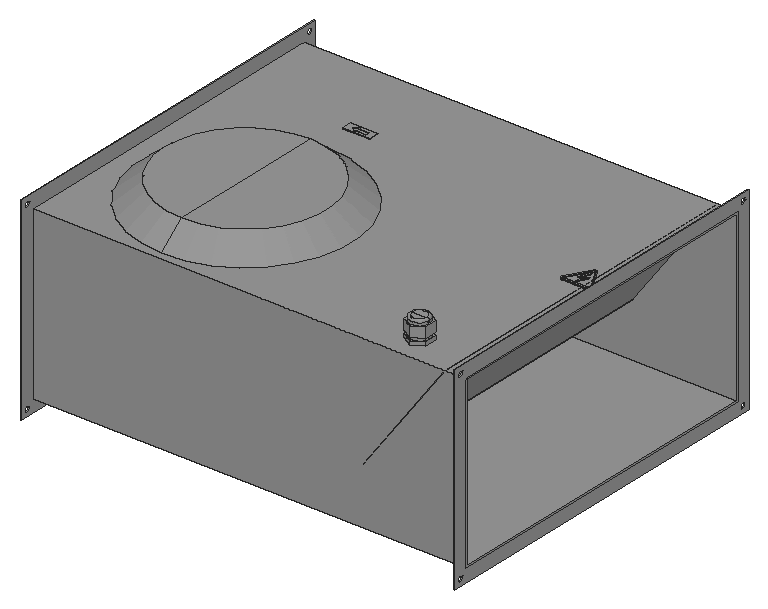
Revit family "ВКПФ_Eng", category Mechanical Equipment, Revit 2021
Family settings
  Round Connector Dimension = Use Diameter
  Classification = None
  Part Type = Normal
  Work Plane-Based = No
  Always vertical = Yes
  Cut with Voids When Loaded = No
  Shared = No
  Room Calculation Point = No
Parameters (values of type "VKPF 4E 500x250")
  Сonnector = yes
  Width = B  # 500 mm
  Weight = 24.00 kg
  Voltage = if(Number of Fase = 3, 400 V, 230 V)  # 230 V
  Pressure_Static_Air [instance] = 0.0 Pa
  Power = 535 W
  Number of Fase = 1
  Maximum Air Flow = 486.0 L/s
  Load Classification = "HVAC"  # constant formula
  Length = L  # 640 mm
  Height = H  # 250 mm
  Frequency = 50 Hz  # constant formula
  Default Elevation = 0 mm
  Frame = Frame : 500x250
  Electrical box = not(Сonnector)  # no
  Manufacturer = "Vents"  # constant formula
  r3 = H / 15  # 16.667 mm
  r2 = r1 * 0.8  # 100 mm
  r1 = H / 2  # 125 mm
  l3 = L / 2 - 100 mm  # 220 mm
  l1 = L / 2 - 40 mm  # 280 mm
  l = L / 2 - L / 3.5  # 137.143 mm
  h3 = H / 2  # 125 mm
  h2 = H - 2 mm  # 248 mm
  h1 = H / 2.1  # 119.048 mm
  h = H / 3  # 83.333 mm
  b3 = B / 2 - 100 mm  # 150 mm
  b2 = B - 4 mm  # 496 mm
  b11 = B / 2  # 250 mm
  b1 = B / 2 - 40 mm  # 210 mm
  b = B / 2 - B / 3  # 83.333 mm
  Maintenance zone material = none
  URL = "https://ventilation-system.com/series/vkpf"
  L = 640 mm
  He = if(Сonnector, 0 mm, 25 mm)  # 0 mm
  Casing Material = Steel, galvanized
  H = 250 mm
  Be = if(Сonnector, b11 - b1, b11 + b3)  # 40 mm
  B = 500 mm
  Apparent Load = Amperage * Voltage  # 572.7 VA
  Amperage = 2.49 A
  Alfa = if(Сonnector, 90.00°, 0.00°)  # 90.00°
  Air Flow [instance] = 0.0 L/s
  09_System_Name [instance] = ""
  00_20_Type = "VKPF 4E 500x250"
  00_20_Name = "Inline centrifugal fan"  # constant formula
  00_20_Manufacturer = "Vents"  # constant formula
Types (16, lengths in mm): name | Сonnector | Width | Weight | Voltage | Power | Number of Fase | Maximum Air Flow | Length | Height | Frame | Electrical box | r3 | r2 | r1 | l3 | l1 | l | h3 | h2 | h1 | h | b3 | b2 | b11 | b1 | b | L | He | H | Be | B | Apparent Load | Amperage | Alfa | 00_20_Type
  (no name) | yes | 500 | 24.00 kg | 230 V | 535 W | 1 | 486.0 L/s | 640 | 250 | Frame : 500x250 | no | 16.667 | 100 | 125 | 220 | 280 | 137.143 | 125 | 248 | 119.048 | 83.333 | 150 | 496 | 250 | 210 | 83.333 | 640 | 0 | 250 | 40 | 500 | 572.7 VA | 2.49 A | 90.00° | "VKPF 4E 500x250"
  VKPF 4E 400x200 | yes | 400 | 17.50 kg | 230 V | 295 W | 1 | 400.0 L/s | 500 | 200 | Frame : 400x200 | no | 13.333 | 80 | 100 | 150 | 210 | 107.143 | 100 | 198 | 95.238 | 66.667 | 100 | 396 | 200 | 160 | 66.667 | 500 | 0 | 200 | 40 | 400 | 303.6 VA | 1.32 A | 90.00° | "VKPF 4E 400x200"
  VKPF 4D 800x500 | no | 800 | 74.00 kg | 400 V | 5850 W | 3 | 2256.0 L/s | 820 | 500 | Frame : 800x500 | yes | 33.333 | 200 | 250 | 310 | 370 | 175.714 | 250 | 498 | 238.095 | 166.667 | 300 | 796 | 400 | 360 | 133.333 | 820 | 25 | 500 | 700 | 800 | 3740 VA | 9.35 A | 0.00° | "VKPF 4D 800x500"
  VKPF 4D 400x200 | yes | 400 | 17.50 kg | 400 V | 282 W | 3 | 408.0 L/s | 500 | 200 | Frame : 400x200 | no | 13.333 | 80 | 100 | 150 | 210 | 107.143 | 100 | 198 | 95.238 | 66.667 | 100 | 396 | 200 | 160 | 66.667 | 500 | 0 | 200 | 40 | 400 | 240 VA | 0.6 A | 90.00° | "VKPF 4D 400x200"
  VKPF 4E 500x300 | yes | 500 | 33.00 kg | 230 V | 710 W | 1 | 653.0 L/s | 680 | 300 | Frame : 500x300 | no | 20 | 120 | 150 | 240 | 300 | 145.714 | 150 | 298 | 142.857 | 100 | 150 | 496 | 250 | 210 | 83.333 | 680 | 0 | 300 | 40 | 500 | 713 VA | 3.1 A | 90.00° | "VKPF 4E 500x300"
  VKPF 4D 500x300 | yes | 500 | 33.00 kg | 400 V | 855 W | 3 | 653.0 L/s | 680 | 300 | Frame : 500x300 | no | 20 | 120 | 150 | 240 | 300 | 145.714 | 150 | 298 | 142.857 | 100 | 150 | 496 | 250 | 210 | 83.333 | 680 | 0 | 300 | 40 | 500 | 680 VA | 1.7 A | 90.00° | "VKPF 4D 500x300"
  VKPF 4E 600x300 | no | 600 | 35.00 kg | 230 V | 1240 W | 1 | 820.0 L/s | 680 | 300 | Frame : 600x300 | yes | 20 | 120 | 150 | 240 | 300 | 145.714 | 150 | 298 | 142.857 | 100 | 200 | 596 | 300 | 260 | 100 | 680 | 25 | 300 | 500 | 600 | 1483.5 VA | 6.45 A | 0.00° | "VKPF 4E 600x300"
  VKPF 4D 600x300 | no | 600 | 35.00 kg | 400 V | 1560 W | 3 | 1039.0 L/s | 680 | 300 | Frame : 600x300 | yes | 20 | 120 | 150 | 240 | 300 | 145.714 | 150 | 298 | 142.857 | 100 | 200 | 596 | 300 | 260 | 100 | 680 | 25 | 300 | 500 | 600 | 1092 VA | 2.73 A | 0.00° | "VKPF 4D 600x300"
  VKPF 4E 600x350 | no | 600 | 49.50 kg | 230 V | 2840 W | 1 | 1183.0 L/s | 735 | 350 | Frame : 600x350 | yes | 23.333 | 140 | 175 | 267.5 | 327.5 | 157.5 | 175 | 348 | 166.667 | 116.667 | 200 | 596 | 300 | 260 | 100 | 735 | 25 | 350 | 500 | 600 | 3197 VA | 13.9 A | 0.00° | "VKPF 4E 600x350"
  VKPF 4D 600x350 | no | 600 | 49.50 kg | 400 V | 2460 W | 3 | 1395.0 L/s | 735 | 350 | Frame : 600x350 | yes | 23.333 | 140 | 175 | 267.5 | 327.5 | 157.5 | 175 | 348 | 166.667 | 116.667 | 200 | 596 | 300 | 260 | 100 | 735 | 25 | 350 | 500 | 600 | 1572 VA | 3.93 A | 0.00° | "VKPF 4D 600x350"
  VKPF 4D 700x400 | no | 700 | 60.00 kg | 400 V | 3630 W | 3 | 1792.0 L/s | 780 | 400 | Frame : 700x400 | yes | 26.667 | 160 | 200 | 290 | 350 | 167.143 | 200 | 398 | 190.476 | 133.333 | 250 | 696 | 350 | 310 | 116.667 | 780 | 25 | 400 | 600 | 700 | 2400 VA | 6 A | 0.00° | "VKPF 4D 700x400"
  VKPF 4E 500x250 | yes | 500 | 24.00 kg | 230 V | 535 W | 1 | 486.0 L/s | 640 | 250 | Frame : 500x250 | no | 16.667 | 100 | 125 | 220 | 280 | 137.143 | 125 | 248 | 119.048 | 83.333 | 150 | 496 | 250 | 210 | 83.333 | 640 | 0 | 250 | 40 | 500 | 572.7 VA | 2.49 A | 90.00° | "VKPF 4E 500x250"
  VKPF 4D 500x250 | yes | 500 | 24.00 kg | 400 V | 570 W | 3 | 514.0 L/s | 640 | 250 | Frame : 500x250 | no | 16.667 | 100 | 125 | 220 | 280 | 137.143 | 125 | 248 | 119.048 | 83.333 | 150 | 496 | 250 | 210 | 83.333 | 640 | 0 | 250 | 40 | 500 | 376 VA | 0.94 A | 90.00° | "VKPF 4D 500x250"
  VKPF 6D 800x500 | no | 800 | 70.00 kg | 400 V | 2790 W | 3 | 2114.0 L/s | 820 | 500 | Frame : 800x500 | yes | 33.333 | 200 | 250 | 310 | 370 | 175.714 | 250 | 498 | 238.095 | 166.667 | 300 | 796 | 400 | 360 | 133.333 | 820 | 25 | 500 | 700 | 800 | 2072 VA | 5.18 A | 0.00° | "VKPF 6D 800x500"
  VKPF 6D 900x500 | no | 900 | 90.00 kg | 400 V | 3870 W | 3 | 2650.0 L/s | 954 | 500 | Frame : 900x500 | yes | 33.333 | 200 | 250 | 377 | 437 | 204.429 | 250 | 498 | 238.095 | 166.667 | 350 | 896 | 450 | 410 | 150 | 954 | 25 | 500 | 800 | 900 | 2800 VA | 7 A | 0.00° | "VKPF 6D 900x500"
  VKPF 6D 1000x500 | no | 1000 | 95.00 kg | 400 V | 3870 W | 3 | 2650.0 L/s | 954 | 500 | Frame : 1000x500 | yes | 33.333 | 200 | 250 | 377 | 437 | 204.429 | 250 | 498 | 238.095 | 166.667 | 400 | 996 | 500 | 460 | 166.667 | 954 | 25 | 500 | 900 | 1000 | 2800 VA | 7 A | 0.00° | "VKPF 6D 1000x500"
Reference planes
  plane 1 "По центру (Вперед/Назад)": y = 0
  plane 2: z = 0
  plane 3 "По центру (Влево/Вправо)": x = 0
  plane 4 "Барабан верт": x = -137.143
  plane 5 "Барабан гор": y = -83.333
  plane 6 "Присоединитель лево": x = -320
  plane 7 "Присоединитель право": x = 320
  plane 8 "E": z = 250
  plane 9: z = 250
  plane 10: y = -250
  plane 11 "E1": y = -210
  plane 12: x = 220
Forms (mm)
  Extrusion 1, solid, material "Steel, galvanized"
    sketch origin (0, 0, 0) x (1, 0, 0) y (0, 1, 0)
      loop
        line (-288, 248) -> (-288, -248) -> (168, -248) -> (168, 248) -> (-288, 248)
    from 81.333 to 83.333
  Extrusion 2, solid, material "Steel, galvanized"
    sketch origin (0, 0, 0) x (1, 0, 0) y (0, 0, 1)
      loop
        line (163, 83.333) -> (168, 83.333) -> (288, 248) -> (283, 248) -> (163, 83.333)
    from -248 to 248
  Extrusion 3, solid, material "Steel, galvanized"
    sketch origin (0, 0, 0) x (0, 1, 0) y (0, 0, 1)
      loop
        line (248, 81.333) -> (-248, 81.333) -> (-248, 2) -> (248, 2) -> (248, 81.333)
    from -288 to -286
  Revolve 4, solid, material "Steel, galvanized"
    sketch origin (-137.143, 0, 0) x (0, 1, 0) y (0, 0, 1)
      loop
        line (-83.333, 248) -> (-83.333, 83.333) -> (33.333, 83.333)
        arc (33.333, 83.333) -> (21.548, 88.215) -> (16.667, 100) r 16.667
        line (16.667, 100) -> (16.667, 112.952) -> (41.667, 112.952) -> (41.667, 115.952) -> (16.667, 115.952) -> (16.667, 235) -> (41.667, 235) -> (41.667, 238) -> (-33.333, 238) -> (-33.333, 248) -> (-83.333, 248)
      axis (-83.333, 83.333) -> (-83.333, 248)
    angle from 0 to 360
Lines and regions (mm)
  reference lines
    curve 1: line (220, -210, 250) -> (220, -210, 281.561)
Dimensions and locks
  "h": Extrusion 1 to level
  locked: Extrusion 1 to Extrusion 1 at 2
  locked: nested 1 to Extrusion 1 sketch curve at 30
  locked: Extrusion 1 sketch curve to nested 1 at 150
  locked: Extrusion 2 sketch curve to nested 1 at 35
  "h": Extrusion 2 to level
  "h2": Extrusion 2 to level
  locked: Extrusion 3 to Extrusion 3 at 2
  locked: Extrusion 2 sketch curve to nested 1 at 150
  locked: Extrusion 2 sketch curve to Extrusion 2 sketch curve at 5
  "l": plane 4 "Барабан верт" to plane 3 "По центру (Влево/Вправо)"
  "b": plane 5 "Барабан гор" to plane 1 "По центру (Вперед/Назад)"
  locked: Revolve 4 sketch curve to Revolve 4 sketch curve at 3  (x2)
  locked: Revolve 4 sketch curve to Revolve 4 sketch curve at 50
  "r1": Revolve 4 sketch curve to Revolve 4 sketch curve
  "r1": Revolve 4 sketch curve to plane 5 "Барабан гор"
  "r2": Revolve 4 sketch curve to plane 5 "Барабан гор"  (x2)
  locked: Revolve 4 sketch curve to Revolve 4 sketch curve at 10
  "l3": plane 3 "По центру (Влево/Вправо)" to nested 2
  "b1": nested 2 to plane 1 "По центру (Вперед/Назад)"
  equal spacing: Extrusion 2, nested 1, Extrusion 2
  "b2": Extrusion 2 to Extrusion 2
  "l3": plane 3 "По центру (Влево/Вправо)" to nested 3
  "b3": plane 1 "По центру (Вперед/Назад)" to nested 3
  "l": nested 5 to plane 3 "По центру (Влево/Вправо)"
  "b1": nested 5 to plane 5 "Барабан гор"
  "l1": plane 3 "По центру (Влево/Вправо)" to nested 4
  "h1": Revolve 4 sketch curve to Revolve 4 sketch curve
  equal spacing: plane 6 "Присоединитель лево", plane 3 "По центру (Влево/Вправо)", plane 7 "Присоединитель право"
  "L": plane 6 "Присоединитель лево" to plane 7 "Присоединитель право"
  level to connector elem = 125 mm
  "h3": level to connector elem  (x2)
  "H": plane 9 to level
  "He": plane 8 "E" to plane 9
  "b11": plane 10 to plane 1 "По центру (Вперед/Назад)"
  "Be": plane 11 "E1" to plane 10
  "l3": plane 12 to plane 3 "По центру (Влево/Вправо)"
  locked: curve 1 to curve 1 at 31.561
  "r3": radius of Revolve 4 sketch curve
  "Alfa": angle plane 8 "E" to curve 1
  aligned and locked: level to plane 2
  aligned and locked: Extrusion 1 sketch curve to nested 1
  aligned and locked: nested 1 to Extrusion 1 sketch curve
  aligned and locked: Extrusion 2 sketch curve to Extrusion 1
  aligned and locked: Extrusion 3 sketch curve to Extrusion 1  (x2)
  aligned and locked: Extrusion 3 sketch curve to nested 1
  aligned and locked: nested 1 to Extrusion 3 sketch curve
  aligned and locked: Extrusion 3 to Extrusion 1
  aligned and locked: plane 3 "По центру (Влево/Вправо)" to nested 1
  aligned and locked: plane 1 "По центру (Вперед/Назад)" to nested 1
  aligned and locked: nested 1 to Revolve 4 sketch curve
  aligned and locked: Extrusion 1 to Revolve 4 sketch curve
  aligned and locked: plane 1 "По центру (Вперед/Назад)" to nested 4
  aligned and locked: plane 8 "E" to curve 1
  aligned and locked: curve 1 to plane 12
Automatic sketch dimensions
  Extrusion 2 sketch curve to Extrusion 2 sketch curve = 5 mm
  Extrusion 2 sketch curve to Extrusion 2 sketch curve = 164.667 mm
  Revolve 4 sketch curve to plane 5 "Барабан гор" = 0 mm  (x2)
  Revolve 4 sketch curve to Revolve 4 sketch curve = 29.667 mm
  Revolve 4 sketch curve to Revolve 4 sketch curve = 15 mm
Nested families
  nested 1: "Frame" at (0, 0, 0), type <- "Frame", type "500x250"
  nested 2: "Сonnector" at (220, -210, 250), built-in parameter 1001360 <- "H", visible <- "Сonnector", type "30"
  nested 3: "Electrical box" at (220, 150, 250), built-in parameter 1001360 <- "H", visible <- "Electrical box", type "100х100"
  nested 4: "Sticker E" at (280, 0, 250), built-in parameter 1001360 <- "H", type "Sticker E"
  nested 5: "Arrow" at (-137.143, 126.667, 250) x (-1, 0, 0) z (0, 0, 1), built-in parameter 1001360 <- "H", type "Arrow"
Connectors
  hvac at (-320, 0, 125), driven by "H", driven by "B"
    settings: index 1, duct flow 0.0 L/s, flow factor 0, pres drop 0.0 Pa, loss coef 0, conn angle 0.00°, conn width 500 mm, conn height 250 mm, conn diameter 609.6 mm, duct sys type 1, conn prof type 1, flow config 0, flow direction 2, loss method 0, conn ref index -1, conn util no, is conn primary yes, conn desc ""
  hvac at (320, 0, 125), driven by "H", driven by "B"
    settings: index 2, duct flow 0.0 L/s, flow factor 0, pres drop 0.0 Pa, loss coef 0, conn angle 0.00°, conn width 500 mm, conn height 250 mm, conn diameter 609.6 mm, duct sys type 1, conn prof type 1, flow config 0, flow direction 1, loss method 0, conn ref index -1, conn util no, is conn primary no, conn desc ""
  electrical at (220, -210, 281.561), driven by "Voltage", driven by "Apparent Load"
    settings: on curve 1, index 3, voltage 230 V, apparent load 0 VA, apparent load phase1 572.7 VA, apparent load phase2 0 VA, apparent load phase3 0 VA, power factor 1, load classification "Двигатель", number of poles 1, system type 31, power factor state 1, is connector primary yes, connector utility no, sub classification motor no, connector description ""
Definition of nested family "Frame"
  Parameters (values of type "1000x500")
    Default Elevation = 0 mm
    l = L / 3.5  # 272.571 mm
    h = 30 mm
    b = B / 3  # 333.333 mm
    R2 = l - l * 0.15  # 231.686 mm
    R1 = l - l * 0.35  # 177.171 mm
    L = 954 mm
    H2 = H + 40 mm  # 540 mm
    H1 = H + 20 mm  # 520 mm
    H = 500 mm
    B2 = B + 40 mm  # 1040 mm
    B1 = B + 20 mm  # 1020 mm
    B = 1000 mm
  Types (9, lengths in mm): name | l | b | R2 | R1 | L | H2 | H1 | H | B2 | B1 | B
    400x200 | 142.857 | 133.333 | 121.429 | 92.857 | 500 | 240 | 220 | 200 | 440 | 420 | 400
    800x500 | 234.286 | 266.667 | 199.143 | 152.286 | 820 | 540 | 520 | 500 | 840 | 820 | 800
    500x250 | 182.857 | 166.667 | 155.429 | 118.857 | 640 | 290 | 270 | 250 | 540 | 520 | 500
    500x300 | 194.286 | 166.667 | 165.143 | 126.286 | 680 | 340 | 320 | 300 | 540 | 520 | 500
    600x300 | 194.286 | 200 | 165.143 | 126.286 | 680 | 340 | 320 | 300 | 640 | 620 | 600
    600x350 | 210 | 200 | 178.5 | 136.5 | 735 | 390 | 370 | 350 | 640 | 620 | 600
    700x400 | 222.857 | 233.333 | 189.429 | 144.857 | 780 | 440 | 420 | 400 | 740 | 720 | 700
    900x500 | 272.571 | 300 | 231.686 | 177.171 | 954 | 540 | 520 | 500 | 940 | 920 | 900
    1000x500 | 272.571 | 333.333 | 231.686 | 177.171 | 954 | 540 | 520 | 500 | 1040 | 1020 | 1000
  Reference planes
    plane 1 "По центру (Вперед/Назад)": y = 0
    plane 2: z = 0
    plane 3 "По центру (Влево/Вправо)": x = 0
    plane 4: y = 500
    plane 5: y = -500
    plane 6: x = -477
    plane 7: x = 477
    plane 8: y = 510
    plane 9: y = -510
    plane 10: z = -10
    plane 11: z = 510
    plane 12 "Выступ Верт": x = -204.429
    plane 13 "Выступ гор": y = -166.667
  Forms (mm)
    Extrusion 1, solid
      sketch origin (0, 0, 0) x (1, 0, 0) y (0, 1, 0)
        loop
          line (-477, 500) -> (-477, -500) -> (477, -500) -> (477, 500) -> (-477, 500)
      from 0 to 500 <- "H"
    Extrusion 2, void
      sketch origin (0, 0, 0) x (0, 1, 0) y (0, 0, 1)
        loop
          line (498, 498) -> (-498, 498) -> (-498, 2) -> (498, 2) -> (498, 498)
      from -477 to 477
    Extrusion 3, solid
      sketch origin (0, 0, 0) x (0, 1, 0) y (0, 0, 1)
        loop
          line (520, -20) -> (520, 520) -> (-520, 520) -> (-520, -20) -> (520, -20)
        loop
          line (500, 0) -> (500, 500) -> (-500, 500) -> (-500, 0) -> (500, 0)
        loop
          circle (510, 510) r 4.5
        loop
          circle (-510, 510) r 4.5
        loop
          circle (-510, -10) r 4.5
        loop
          circle (510, -10) r 4.5
      from 477 to 475
    Extrusion 4, solid
      sketch origin (0, 0, 0) x (0, 1, 0) y (0, 0, 1)
        loop
          line (520, -20) -> (520, 520) -> (-520, 520) -> (-520, -20) -> (520, -20)
        loop
          line (500, 0) -> (500, 500) -> (-500, 500) -> (-500, 0) -> (500, 0)
        loop
          circle (510, 510) r 4.5
        loop
          circle (-510, 510) r 4.5
        loop
          circle (-510, -10) r 4.5
        loop
          circle (510, -10) r 4.5
      from -475 to -477
    Revolve 5, solid
      sketch origin (-204.429, 0, 0) x (0, -1, 0) y (0, 0, 1)
        loop
          line (166.667, 530) -> (-10.505, 530) -> (-65.019, 500) -> (166.667, 500) -> (166.667, 530)
        axis (166.667, 500) -> (166.667, 530)
      angle from 0 to 360
  Cuts and joins
    Extrusion 2 cuts Extrusion 1
  Dimensions and locks
    equal spacing: plane 6, plane 3 "По центру (Влево/Вправо)", plane 7
    "L": plane 6 to plane 7
    equal spacing: plane 4, plane 1 "По центру (Вперед/Назад)", plane 5
    "B": plane 4 to plane 5
    locked: Extrusion 1 to Extrusion 2 sketch curve at 2
    locked: Extrusion 2 sketch curve to level at 2
    locked: plane 4 to Extrusion 2 sketch curve at 2
    locked: Extrusion 2 sketch curve to plane 5 at 2
    "H": Extrusion 3 sketch curve to level
    Extrusion 3 sketch curve to Extrusion 3 sketch curve = 20 mm
    "H2": Extrusion 3 sketch curve to Extrusion 3 sketch curve
    equal spacing: Extrusion 3 sketch curve, plane 1 "По центру (Вперед/Назад)", Extrusion 3 sketch curve
    "B2": Extrusion 3 sketch curve to Extrusion 3 sketch curve
    equal spacing: plane 8, plane 1 "По центру (Вперед/Назад)", plane 9
    "B1": plane 8 to plane 9
    level to plane 10 = 10 mm
    "H1": plane 11 to plane 10
    locked: Extrusion 3 to plane 7 at 2
    "H": Extrusion 4 sketch curve to level
    Extrusion 4 sketch curve to cut or joined group of Extrusion 1, Extrusion 2 = 20 mm
    "H2": Extrusion 4 sketch curve to Extrusion 4 sketch curve
    equal spacing: Extrusion 4 sketch curve, plane 1 "По центру (Вперед/Назад)", Extrusion 4 sketch curve
    "B2": Extrusion 4 sketch curve to Extrusion 4 sketch curve
    locked: plane 6 to Extrusion 4 at 2
    "h": Revolve 5 sketch curve to Revolve 5 sketch curve
    "R2": Revolve 5 sketch curve to plane 13 "Выступ гор"
    "R1": Revolve 5 sketch curve to plane 13 "Выступ гор"
    "l": plane 6 to plane 12 "Выступ Верт"
    "b": plane 13 "Выступ гор" to plane 5
    plane 13 "Выступ гор" to plane 1 "По центру (Вперед/Назад)" = 166.667 mm
    plane 12 "Выступ Верт" to plane 3 "По центру (Влево/Вправо)" = 204.429 mm
    aligned and locked: level to plane 2
    aligned and locked: Extrusion 1 sketch curve to plane 4
    aligned and locked: Extrusion 1 sketch curve to plane 6
    aligned and locked: plane 5 to Extrusion 1 sketch curve
    aligned and locked: plane 7 to Extrusion 1 sketch curve
    aligned and locked: plane 6 to Extrusion 2
    aligned and locked: Extrusion 2 to plane 7
    aligned and locked: Extrusion 3 sketch curve to plane 4
    aligned and locked: plane 5 to Extrusion 3 sketch curve
    aligned and locked: level to Extrusion 3 sketch curve
    aligned and locked: plane 7 to Extrusion 3
    aligned and locked: Extrusion 4 sketch curve to plane 4
    aligned and locked: plane 5 to Extrusion 4 sketch curve
    aligned and locked: level to Extrusion 4 sketch curve
    aligned and locked: Extrusion 4 to plane 6
    aligned and locked: plane 13 "Выступ гор" to Revolve 5 sketch curve
    aligned and locked: cut or joined group of Extrusion 1, Extrusion 2 to Revolve 5 sketch curve
  Automatic sketch dimensions
    Extrusion 3 sketch curve to plane 9 = 0 mm  (x2)
    Extrusion 3 sketch curve to plane 8 = 0 mm  (x2)
    plane 10 to Extrusion 3 sketch curve = 0 mm
    Extrusion 3 sketch curve to plane 10 = 0 mm
    plane 11 to Extrusion 3 sketch curve = 0 mm
    Extrusion 3 sketch curve to plane 11 = 0 mm
    Extrusion 4 sketch curve to plane 9 = 0 mm  (x2)
    Extrusion 4 sketch curve to plane 8 = 0 mm  (x2)
    plane 10 to Extrusion 4 sketch curve = 0 mm
    Extrusion 4 sketch curve to plane 10 = 0 mm
    plane 11 to Extrusion 4 sketch curve = 0 mm
    Extrusion 4 sketch curve to plane 11 = 0 mm
    Revolve 5 sketch curve to plane 13 "Выступ гор" = 0 mm
    Revolve 5 sketch curve to Revolve 5 sketch curve = 50 mm
    Revolve 5 sketch curve to Revolve 5 sketch curve = 20 mm
    radius of Extrusion 3 sketch curve = 4.5 mm  (x4)
    radius of Extrusion 4 sketch curve = 4.5 mm  (x4)
  Connectors
    hvac at (477, 0, 250)
      settings: on Extrusion 3, index 1, duct flow 0.0 L/s, flow factor 0, pres drop 0.0 Pa, loss coef 0, conn angle 0.00°, conn width 304.8 mm, conn height 304.8 mm, conn diameter 609.6 mm, duct sys type 1, conn prof type 1, flow config 0, flow direction 0, loss method 0, conn ref index -1, conn util no, is conn primary yes, conn desc ""
Definition of nested family "Сonnector"
  Parameters (values of type "30")
    Default Elevation = 0 mm
  Reference planes
    plane 1 "По центру (Вперед/Назад)": y = 0
    plane 2: z = 0
    plane 3 "По центру (Влево/Вправо)": x = 0
  Forms (mm)
    Extrusion 1, solid
      sketch origin (-129.783, 0, -1.583) x (-1, 0, 0) y (0, -1, 0)
        loop
          line (-129.783, -18.872) -> (-113.44, -9.436) -> (-113.44, 9.436) -> (-129.783, 18.872) -> (-146.127, 9.436) -> (-146.127, -9.436) -> (-129.783, -18.872)
      from 1.583 to 6.583
    Extrusion 2, solid
      sketch origin (-129.783, 0, 0) x (-1, 0, 0) y (0, -1, 0)
        loop
          circle (-129.783, 0) r 14
      from 5 to 10
    Extrusion 3, solid
      sketch origin (-129.783, 0, 14.25) x (-1, 0, 0) y (0, -1, 0)
        loop
          line (-129.783, -18.872) -> (-113.44, -9.436) -> (-113.44, 9.436) -> (-129.783, 18.872) -> (-146.127, 9.436) -> (-146.127, -9.436) -> (-129.783, -18.872)
      from -4.25 to 10.75
    Revolve 4, solid
      sketch origin (-129.783, 0, -5.678) x (-1, 0, 0) y (0, 0, -1)
        loop
          line (-115.783, -30.678) -> (-129.783, -30.678) -> (-129.783, -37.239) -> (-118.718, -37.239)
          arc (-118.718, -37.239) -> (-116.643, -36.38) -> (-115.783, -34.305) r 2.935
          line (-115.783, -34.305) -> (-115.783, -30.678)
        axis (-129.783, -37.239) -> (-129.783, -30.678)
      angle from 0 to 360
  Dimensions and locks
    aligned and locked: level to plane 2
    aligned and locked: Extrusion 1 to Extrusion 2
    aligned and locked: Extrusion 1 to level
    aligned and locked: Extrusion 3 to Extrusion 2
Definition of nested family "Electrical box"
  Parameters (values of type "75х75")
    Ш2 = Ш + 20 mm - 12 mm  # 83 mm
    Ш1 = Ш / 2 - 15 mm  # 22.5 mm
    Ш = 75 mm
    Default Elevation = 0 mm
    Д1 = Д / 2 - 15 mm  # 22.5 mm
    Д = 75 mm
    h = H / 2  # 25 mm
    H = 50 mm
  Types (3, lengths in mm): name | Ш2 | Ш1 | Ш | Д1 | Д
    100х100 | 108 | 35 | 100 | 35 | 100
    200Х200 | 208 | 85 | 200 | 85 | 200
    75х75 | 83 | 22.5 | 75 | 22.5 | 75
  Reference planes
    plane 1 "По центру (Вперед/Назад)": y = 0
    plane 2: z = 0
    plane 3 "По центру (Влево/Вправо)": x = 0
  Forms (mm)
    Extrusion 1, solid
      sketch origin (0, 0, 0) x (1, 0, 0) y (0, 1, 0)
        loop
          line (-37.5, 37.5) -> (-37.5, -37.5) -> (37.5, -37.5) -> (37.5, 37.5) -> (-37.5, 37.5)
      from 0 to 50 <- "H"
    Sweep 2, void
      path in 3D
        loop
          line (-37.5, 37.5, 50) -> (-37.5, -37.5, 50) -> (37.5, -37.5, 50) -> (37.5, 37.5, 50) -> (-37.5, 37.5, 50)
      profile origin (0, 37.5, 50) x (0, -1, 0) y (0, 0, 1)
        loop
          line (5, 0) -> (0, 0) -> (0, -5)
          arc (0, -5) -> (1.464, -1.464) -> (5, 0) r 5
    Extrusion 3, solid
      sketch origin (0, 0, 0) x (1, 0, 0) y (0, 1, 0)
        loop
          line (10, 37.5) -> (10, 54.859)
          arc (10, 54.859) -> (9.227, 56.727) -> (7.359, 57.5) r 2.641
          line (7.359, 57.5) -> (-7.359, 57.5)
          arc (-7.359, 57.5) -> (-9.227, 56.727) -> (-10, 54.859) r 2.641
          line (-10, 54.859) -> (-10, 37.5) -> (10, 37.5)
        loop
          circle (0, 47.5) r 4
        loop
          line (10, -37.5) -> (-10, -37.5) -> (-10, -54.859)
          arc (-10, -54.859) -> (-9.227, -56.727) -> (-7.359, -57.5) r 2.641
          line (-7.359, -57.5) -> (7.359, -57.5)
          arc (7.359, -57.5) -> (9.227, -56.727) -> (10, -54.859) r 2.641
          line (10, -54.859) -> (10, -37.5)
        loop
          circle (0, -47.5) r 4
      from 0 to 4
    Extrusion 4, void
      sketch origin (0, 0, 0) x (0, 1, 0) y (0, 0, 1)
        loop
          circle (0, 25) r 10
      from -37.5 to -32.5
    Extrusion 5, void
      sketch origin (0, 0, 0) x (0, 1, 0) y (0, 0, 1)
        loop
          circle (0, 25) r 10
      from 32.5 to 37.5
    Extrusion 6, void
      sketch origin (0, 0, 0) x (1, 0, 0) y (0, 0, 1)
        loop
          circle (20, 25) r 10
        loop
          circle (-20, 25) r 10
      from 32.5 to 37.5
    Extrusion 7, void
      sketch origin (0, 0, 0) x (1, 0, 0) y (0, 0, 1)
        loop
          circle (20, 25) r 10
        loop
          circle (-20, 25) r 10
      from -37.5 to -32.5
    Extrusion 8, solid
      sketch origin (0, 0, 0) x (1, 0, 0) y (0, 1, 0)
        loop
          line (3.462, 41.5) -> (6.924, 47.496) -> (3.462, 53.492) -> (-3.462, 53.492) -> (-6.924, 47.496) -> (-3.462, 41.5) -> (3.462, 41.5)
        loop
          line (3.462, -41.5) -> (-3.462, -41.5) -> (-6.924, -47.496) -> (-3.462, -53.492) -> (3.462, -53.492) -> (6.924, -47.496) -> (3.462, -41.5)
      from 5 to 10
  Cuts and joins
    Sweep 2, Extrusion 4, Extrusion 5, Extrusion 6, Extrusion 7 cuts Extrusion 1
  Lines and regions (mm)
    sketch lines
      curve 1: line (37.5, 37.5, 50) -> (-37.5, 37.5, 50)
      curve 2: line (37.5, -37.5, 50) -> (37.5, 37.5, 50)
      curve 3: line (-37.5, -37.5, 50) -> (37.5, -37.5, 50)
      curve 4: line (-37.5, 37.5, 50) -> (-37.5, -37.5, 50)
  Dimensions and locks
    "Д": Extrusion 1 sketch curve to Extrusion 1 sketch curve
    "Ш": Extrusion 1 sketch curve to Extrusion 1 sketch curve
    equal spacing: Extrusion 1 sketch curve, plane 3 "По центру (Влево/Вправо)", Extrusion 1 sketch curve
    equal spacing: Extrusion 1 sketch curve, plane 1 "По центру (Вперед/Назад)", Extrusion 1 sketch curve
    "Д1": nested 2 to plane 3 "По центру (Влево/Вправо)"
    "Д1": plane 3 "По центру (Влево/Вправо)" to nested 1
    "Д1": nested 4 to plane 3 "По центру (Влево/Вправо)"
    "Д1": plane 3 "По центру (Влево/Вправо)" to nested 3
    "Ш1": nested 3 to plane 1 "По центру (Вперед/Назад)"
    "Ш1": plane 1 "По центру (Вперед/Назад)" to nested 1
    "Ш1": nested 4 to plane 1 "По центру (Вперед/Назад)"
    "Ш1": plane 1 "По центру (Вперед/Назад)" to nested 2
    Extrusion 3 sketch curve to Extrusion 3 sketch curve = 20 mm  (x3)
    equal spacing: Extrusion 3 sketch curve, plane 1 "По центру (Вперед/Назад)", Extrusion 3 sketch curve
    "Ш": Extrusion 3 sketch curve to Extrusion 3 sketch curve
    "h": Extrusion 4 sketch curve to level
    "h": Extrusion 5 sketch curve to level
    "h": level to Extrusion 6 sketch curve  (x2)
    plane 3 "По центру (Влево/Вправо)" to Extrusion 6 sketch curve = 20 mm
    Extrusion 6 sketch curve to plane 3 "По центру (Влево/Вправо)" = 20 mm
    "h": level to Extrusion 7 sketch curve  (x2)
    Extrusion 7 sketch curve to plane 3 "По центру (Влево/Вправо)" = 20 mm
    plane 3 "По центру (Влево/Вправо)" to Extrusion 7 sketch curve = 20 mm
    locked: Extrusion 8 sketch curve to Extrusion 8 sketch curve at 11.992  (x2)
    equal spacing: Extrusion 8, plane 1 "По центру (Вперед/Назад)", Extrusion 8
    "Ш2": Extrusion 8 to Extrusion 8
    locked: Extrusion 3 sketch curve to cut or joined group of Extrusion 1, Sweep 2, Extrusion 4, Extrusion 5, Extrusion 6, Extrusion 7 at 10  (x2)
    radius of Extrusion 7 sketch curve = 10 mm
    aligned and locked: level to plane 2
    aligned and locked: Extrusion 1 to Extrusion 4
    aligned and locked: Sweep 2 to Extrusion 4
    aligned and locked: Extrusion 1 to Extrusion 5
    aligned and locked: Sweep 2 to Extrusion 5
    aligned and locked: Extrusion 1 to Extrusion 6
    aligned and locked: Sweep 2 to Extrusion 6
    aligned and locked: Extrusion 1 to Extrusion 7
    aligned and locked: Extrusion 7 to Sweep 2
  Automatic sketch dimensions
    Sweep 2 sketch curve to profile plane = 0 mm  (x2)
    Sweep 2 sketch curve to profile plane = 5 mm
    Extrusion 8 sketch curve to plane 3 "По центру (Влево/Вправо)" = 6.924 mm  (x2)
    Extrusion 8 sketch curve to plane 3 "По центру (Влево/Вправо)" = 3.462 mm  (x4)
    plane 3 "По центру (Влево/Вправо)" to Extrusion 8 sketch curve = 3.462 mm  (x4)
    Extrusion 8 sketch curve to Extrusion 8 sketch curve = 3.462 mm
    plane 3 "По центру (Влево/Вправо)" to Extrusion 8 sketch curve = 6.924 mm
    plane 1 "По центру (Вперед/Назад)" to Extrusion 8 sketch curve = 53.492 mm
    Extrusion 8 sketch curve to Extrusion 8 sketch curve = 5.996 mm  (x4)
    Extrusion 8 sketch curve to plane 1 "По центру (Вперед/Назад)" = 41.5 mm
    Extrusion 3 sketch curve to plane 3 "По центру (Влево/Вправо)" = 0 mm  (x2)
    Extrusion 3 sketch curve to plane 3 "По центру (Влево/Вправо)" = 7.359 mm  (x2)
    Extrusion 3 sketch curve to plane 3 "По центру (Влево/Вправо)" = 10 mm  (x2)
    plane 3 "По центру (Влево/Вправо)" to Extrusion 3 sketch curve = 7.359 mm
    Extrusion 3 sketch curve to Extrusion 3 sketch curve = 2.641 mm  (x2)
    Extrusion 4 sketch curve to plane 1 "По центру (Вперед/Назад)" = 0 mm
    Extrusion 5 sketch curve to plane 1 "По центру (Вперед/Назад)" = 0 mm
    radius of Extrusion 3 sketch curve = 4 mm  (x2)
    radius of Extrusion 4 sketch curve = 10 mm
    radius of Extrusion 5 sketch curve = 10 mm
    radius of Extrusion 6 sketch curve = 10 mm  (x2)
    radius of Extrusion 7 sketch curve = 10 mm
  Nested families
    nested 1: "Винт" at (22.5, 22.5, 50), built-in parameter 1001364 <- "H", type "Винт"
    nested 2: "Винт" at (-22.5, 22.5, 50), built-in parameter 1001364 <- "H", type "Винт"
    nested 3: "Винт" at (22.5, -22.5, 50), built-in parameter 1001364 <- "H", type "Винт"
    nested 4: "Винт" at (-22.5, -22.5, 50), built-in parameter 1001364 <- "H", type "Винт"
  Definition of nested family "Винт"
    Parameters (values of type "Винт")
      Default Elevation = 0 mm
    Reference planes
      plane 1 "По центру (Вперед/Назад)": y = 0
      plane 2: z = 0
      plane 3 "По центру (Влево/Вправо)": x = 0
    Forms (mm)
      Revolve 1, solid
        sketch origin (0, 0, 0) x (1, 0, 0) y (0, 0, 1)
          loop
            line (0, -20) -> (2.5, -20) -> (2.5, 0) -> (5, 0) -> (5, 0.988)
            arc (5, 0.988) -> (2.589, 1.966) -> (0, 2.235) r 9.254
            line (0, 2.235) -> (0, -20)
          axis (0, 2.235) -> (0, -20)
        angle from 0 to 360
      Extrusion 2, void
        sketch origin (0, -0.137, 0) x (1, 0, 0) y (0, 1, 0)
          loop
            line (-0.439, -5.142) -> (0.455, -5.142) -> (0.455, -0.343) -> (5.265, -0.343) -> (5.265, 0.594) -> (0.455, 0.594) -> (0.455, 5.38) -> (-0.439, 5.38) -> (-0.439, 0.594) -> (-5.291, 0.594) -> (-5.291, -0.343) -> (-0.439, -0.343) -> (-0.439, -5.142)
        from 0.988 to 3.071
    Cuts and joins
      Extrusion 2 cuts Revolve 1
    Dimensions and locks
      aligned and locked: level to plane 2
      aligned and locked: Extrusion 2 to Revolve 1
Definition of nested family "Sticker E"
  Parameters (values of type "Электрика")
    Default Elevation = 0 mm
  Reference planes
    plane 1 "По центру (Вперед/Назад)": y = 0
    plane 2: z = 0
    plane 3 "По центру (Влево/Вправо)": x = 0
  Forms (mm)
    Extrusion 1, solid
      sketch origin (0, 0, 0) x (1, 0, 0) y (0, 1, 0)
        loop
          line (0, 0.664) -> (18.543, 0.664)
          arc (18.543, 0.664) -> (21.349, 1.985) -> (22.119, 4.99) r 3.641
          line (22.119, 4.99) -> (2.806, 38.44)
          arc (2.806, 38.44) -> (0, 39.762) -> (-2.806, 38.44) r 3.641
          line (-2.806, 38.44) -> (-22.119, 4.99)
          arc (-22.119, 4.99) -> (-21.349, 1.985) -> (-18.543, 0.664) r 3.641
          line (-18.543, 0.664) -> (0, 0.664)
        loop
          arc (-20.055, 4.565) -> (-19.717, 3.245) -> (-18.484, 2.664) r 1.6
          line (-18.484, 2.664) -> (18.396, 2.664)
          arc (18.396, 2.664) -> (19.729, 3.379) -> (19.87, 4.885) r 1.6
          line (19.87, 4.885) -> (1.2, 37.223)
          arc (1.2, 37.223) -> (0.104, 37.807) -> (-1.079, 37.432) r 1.6
          line (-1.079, 37.432) -> (-20.055, 4.565)
      from 0 to 1
    Extrusion 2, solid
      sketch origin (0, 0, 0) x (1, 0, 0) y (0, 1, 0)
        loop
          line (1.519, 30.846) -> (-2.718, 30.846) -> (-7.387, 14.53) -> (2.226, 19.012) -> (-1.819, 8.947) -> (-2.667, 9.352) -> (-2.823, 5.949) -> (-0.273, 8.208) -> (-1.096, 8.601) -> (5.366, 22.132) -> (-4.385, 17.585) -> (1.519, 30.846)
      from 0 to 1
    Extrusion 3, solid
      sketch origin (0, 0, 0) x (1, 0, 0) y (0, 1, 0)
        loop
          line (-1.079, 37.432) -> (-20.055, 4.565)
          arc (-20.055, 4.565) -> (-19.717, 3.245) -> (-18.484, 2.664) r 1.6
          line (-18.484, 2.664) -> (18.396, 2.664)
          arc (18.396, 2.664) -> (19.781, 3.464) -> (19.781, 5.064) r 1.6
          line (19.781, 5.064) -> (1.296, 37.092)
          arc (1.296, 37.092) -> (0.185, 37.798) -> (-1.079, 37.432) r 1.6
      from 0 to 0.9
  Dimensions and locks
    aligned and locked: level to plane 2
Definition of nested family "Arrow"
  Parameters (values of type "Cтрелка")
    Default Elevation = 0 mm
  Reference planes
    plane 1 "По центру (Вперед/Назад)": y = 0
    plane 2: z = 0
    plane 3 "По центру (Влево/Вправо)": x = 0
  Forms (mm)
    Extrusion 1, solid
      sketch origin (0, 0, 0) x (1, 0, 0) y (0, 1, 0)
        loop
          line (-20, -7.5) -> (20, -7.5) -> (20, 7.5) -> (-20, 7.5) -> (-20, -7.5)
        loop
          line (-10.967, 0) -> (-10.967, -2.486) -> (3.357, -2.486) -> (3.357, -4.529) -> (11.203, 0) -> (3.357, 4.529) -> (3.357, 2.486) -> (-10.967, 2.486) -> (-10.967, 0)
      from 0 to 1
    Extrusion 2, solid
      sketch origin (0, 0, 0) x (1, 0, 0) y (0, 1, 0)
        loop
          line (-10.967, 2.486) -> (-10.967, -2.486) -> (3.357, -2.486) -> (3.357, -4.529) -> (11.203, 0) -> (3.357, 4.529) -> (3.357, 2.486) -> (-10.967, 2.486)
      from 0 to 1
  Dimensions and locks
    aligned and locked: level to plane 2
